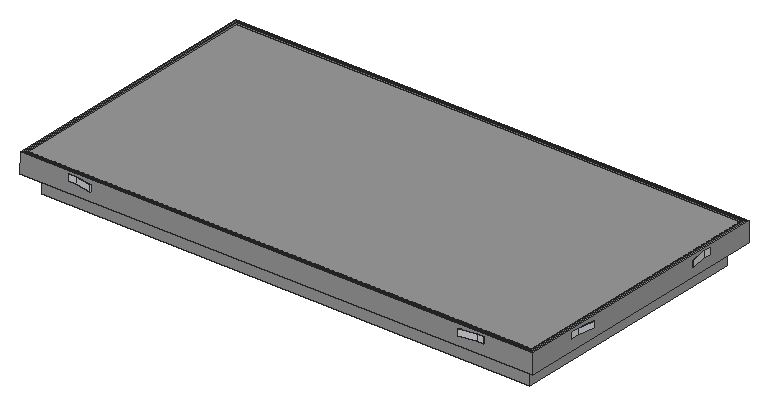
Revit family "WAPT-1000-2000", category Generic Models, host Floor, Revit 2017
Family settings
  Host = Floor
  Can host rebar = No
  Round Connector Dimension = Use Diameter
  Part Type = Normal
  Always vertical = Yes
  Cut with Voids When Loaded = No
  Shared = Yes
  Room Calculation Point = No
Parameters (values of type "WAPT-1000-2000")
  vloerluik = geanodiseerd aluminium
  frame = geanodiseerd aluminium frame
  Weight (kg) = 125
  URL = "https://www.gortergroup.com/nl/producten/vloerluiken/wapt.html"
  Offset [instance] = 0 mm
  Model = "WAPT"
  C = 400 mm
  Bevestiging = "Frame gelaste ankers"
  Belastbaarheid = "7,5 kN/m² volgens NEN-EN1991"
  B = 1000 mm
  A = 2000 mm
Types (6, lengths in mm): name | Weight (kg) | B | A
  (no name) | 125 | 1000 | 2000
  WAPT-600-600 | 24 | 600 | 600
  WAPT-800-800 | 30 | 800 | 800
  WAPT-1000-1000 | 48 | 1000 | 1000
  WAPT-1000-1500 | 103 | 1000 | 1500
  WAPT-1000-2000 | 125 | 1000 | 2000
Reference planes
  plane 1 "Center (Front/Back)": y = 0
  plane 2: z = 0
  plane 3 "Center (Left/Right)": x = 0
  plane 4: y = 500
  plane 5: y = -500
  plane 6: x = -1000
  plane 7: x = 1000
  plane 8: z = -400
  plane 9: x = -1055
  plane 10: y = 555
  plane 11: x = 1055
  plane 12: y = -555
  plane 13: x = -1032.5
  plane 14: x = 1032.5
  plane 15: y = 532.5
  plane 16: y = -532.5
  plane 17: x = -982.5
  plane 18: x = 982.5
  plane 19: x = 1005
  plane 20: y = 505
  plane 21: x = -1005
  plane 22: y = -505
  plane 23: z = -75
  plane 24: x = 940
  plane 25: x = -940
  plane 26: y = 355
  plane 27: y = -355
  plane 28: x = 855
  plane 29: x = -855
  plane 30: x = 355
  plane 31: x = -355
  plane 32: x = -1034.5
  plane 33: x = 1034.5
  plane 34: y = -534.5
  plane 35: y = 534.5
  plane 36 "Top": z = 0
  plane 37: z = -25
  plane 38: z = -30
  plane 39: z = -10
  plane 40: y = 463
  plane 41: y = -463
Forms (mm)
  Extrusion 1, void
    sketch origin (0, 0, 0) x (1, 0, 0) y (0, 1, 0)
      loop
        line (-1005, 505) -> (-1005, -505) -> (1005, -505) -> (1005, 505) -> (-1005, 505)
    from -400 to 0
  Sweep 2, solid, material "geanodiseerd aluminium frame" <- "frame"
    path origin (0, 0, 0) x (-1, 0, 0) y (0, -1, 0)
      loop
        line (1000, -500) -> (1000, 500) -> (-1000, 500) -> (-1000, -500) -> (1000, -500)
    profile "WAPT_randprofiel : WAG_randprofiel" origin (-1000, 0, 0) x (-1, 0, 0) y (0, 0, 1)
      loop
        line (55, -80) -> (55, 0) -> (50, 0) -> (50, -75) -> (5, -75) -> (5, -35) -> (0, -35) -> (0, -160) -> (5, -160) -> (5, -80) -> (55, -80)
  Sweep 3, void
    path origin (0, 0, 0) x (1, 0, 0) y (0, 1, 0)
      loop
        line (-1000, 500) -> (-1000, -500) -> (1000, -500) -> (1000, 500) -> (-1000, 500)
    profile origin (-1000, 0, 0) x (-1, 0, 0) y (0, 0, 1)
      loop
        line (0, 0) -> (0, -130) -> (55, -130) -> (55, 0) -> (0, 0)
  Sweep 4, solid, material "geanodiseerd aluminium frame" <- "frame"
    path origin (0, 0, 0) x (-1, 0, 0) y (0, -1, 0)
      loop
        line (963, -463) -> (963, 463) -> (-963, 463) -> (-963, -463) -> (963, -463)
    profile "WAPT_binnenprofiel : WAG_binnenprofiel" origin (-963, 0, 0) x (-1, 0, 0) y (0, 0, 1)
      loop
        line (0, -80) -> (5, -80) -> (5, -30) -> (82, -30) -> (82, 0) -> (77, 0) -> (77, -25) -> (0, -25) -> (0, -80)
  Extrusion 5, solid, material "geanodiseerd aluminium frame" <- "frame"
    sketch origin (-2542.234, 500, 4000) x (-1, 0, 0) y (0, 0, 1)
      loop
        line (-1579.234, -4025) -> (-3505.234, -4025) -> (-3505.234, -4030) -> (-1579.234, -4030) -> (-1579.234, -4025)
    from -37 to -963
  Extrusion 6, solid, material "geanodiseerd aluminium" <- "vloerluik"
    sketch origin (-2542.234, 500, 4015) x (-1, 0, 0) y (0, 0, 1)
      loop
        line (-1507.734, -4015) -> (-3576.734, -4015) -> (-3576.734, -4040) -> (-1507.734, -4040) -> (-1507.734, -4015)
    from 34.5 to -1034.5
Cuts and joins
  joined: Sweep 4, Extrusion 5
Lines and regions (mm)
  model lines, style "draairichting"
    curve 1: line (-1045, 545, 0) -> (0, -545, 0)
    curve 2: line (0, -545, 0) -> (1050, 550, 0)
Dimensions and locks
  equal spacing: plane 6, plane 3 "Center (Left/Right)", plane 7
  "A": plane 6 to plane 7
  equal spacing: plane 5, plane 1 "Center (Front/Back)", plane 4
  "B": plane 5 to plane 4
  "C": level to plane 8
  locked: plane 12 to plane 5 at 55
  locked: plane 9 to plane 6 at 55
  locked: plane 7 to plane 11 at 55
  locked: plane 10 to plane 4 at 55
  locked: plane 16 to plane 5 at 32.5
  locked: plane 15 to plane 4 at 32.5
  locked: plane 13 to plane 6 at 32.5
  locked: plane 7 to plane 14 at 32.5
  locked: plane 9 to plane 17 at 72.5
  locked: plane 18 to plane 11 at 72.5
  locked: plane 6 to Sweep 4 sketch curve at 37
  Sweep 4 sketch curve to plane 7 = 37 mm
  locked: plane 12 to plane 22 at 50
  locked: plane 10 to plane 20 at 50
  locked: plane 9 to plane 21 at 50
  locked: plane 19 to plane 11 at 50
  locked: level to plane 23 at 75
  plane 7 to plane 24 = 60 mm
  locked: plane 25 to plane 6 at 60
  plane 10 to plane 26 = 200 mm
  locked: plane 12 to plane 27 at 200
  locked: plane 28 to plane 11 at 200
  locked: plane 9 to plane 29 at 200
  locked: plane 3 "Center (Left/Right)" to plane 30 at 355
  locked: plane 31 to plane 3 "Center (Left/Right)" at 355
  plane 13 to plane 9 = 22.5 mm
  locked: plane 32 to plane 9 at 20.5
  locked: plane 33 to plane 11 at 20.5
  locked: plane 12 to plane 34 at 20.5
  plane 35 to plane 10 = 20.5 mm
  cut or joined group of Sweep 4, Extrusion 5 to Sweep 2 to Sweep 2 = 5 mm, 125 mm
  locked: plane 36 "Top" to plane 37 at 25
  locked: plane 37 to plane 38 at 5
  locked: plane 36 "Top" to plane 39 at 10
  "Offset": plane 36 "Top" to level
  locked: plane 40 to plane 4 at 37
  locked: plane 5 to plane 41 at 37
  aligned and locked: level to plane 2
  aligned and locked: Extrusion 1 to plane 8
  aligned and locked: level to Extrusion 1
  aligned and locked: Sweep 2 sketch curve to plane 4
  aligned and locked: plane 6 to Sweep 2 sketch curve
  aligned and locked: Sweep 2 sketch curve to plane 5
  aligned and locked: Sweep 2 sketch curve to plane 7
  aligned and locked: Sweep 3 sketch curve to plane 9
  aligned and locked: plane 6 to Sweep 3 sketch curve
  aligned and locked: plane 2 to Sweep 3 sketch curve
  aligned and locked: Extrusion 1 sketch curve to plane 19
  aligned and locked: Extrusion 1 sketch curve to plane 20
  aligned and locked: plane 21 to Extrusion 1 sketch curve
  aligned and locked: Extrusion 1 sketch curve to plane 22
  aligned and locked: nested 1 to plane 11
  aligned and locked: nested 1 to plane 26
  aligned and locked: nested 2 to plane 9
  aligned and locked: plane 26 to nested 2
  aligned and locked: plane 27 to nested 3
  aligned and locked: nested 4 to plane 27
  aligned and locked: plane 11 to nested 3
  aligned and locked: plane 11 to nested 1
  aligned and locked: plane 10 to nested 5
  aligned and locked: plane 28 to nested 5
  aligned and locked: nested 6 to plane 10
  aligned and locked: nested 6 to plane 29
  aligned and locked: plane 12 to nested 7
  aligned and locked: nested 8 to plane 12
  aligned and locked: plane 29 to nested 8
  aligned and locked: nested 7 to plane 28
  aligned and locked: plane 9 to nested 4
  aligned and locked: cut or joined group of Sweep 4, Extrusion 5 to Extrusion 5 sketch curve
  aligned and locked: Extrusion 5 sketch curve to cut or joined group of Sweep 4, Extrusion 5
  aligned and locked: Extrusion 6 to plane 32
  aligned and locked: Extrusion 6 to plane 33
  aligned and locked: plane 34 to Extrusion 6
  aligned and locked: plane 35 to Extrusion 6
  aligned and locked: cut or joined group of Sweep 4, Extrusion 5 to plane 37
  aligned and locked: cut or joined group of Sweep 4, Extrusion 5 to plane 38
  aligned and locked: Extrusion 6 to plane 36 "Top"
  aligned and locked: Extrusion 6 to plane 37
  aligned and locked: nested 3 to plane 39
  aligned and locked: plane 39 to nested 1
  aligned and locked: nested 5 to plane 39
  aligned and locked: nested 6 to plane 39
  aligned and locked: nested 4 to plane 39
  aligned and locked: plane 39 to nested 2
  aligned and locked: nested 8 to plane 39
  aligned and locked: nested 7 to plane 39
  aligned and locked: cut or joined group of Sweep 4, Extrusion 5 to plane 40
  aligned and locked: plane 41 to cut or joined group of Sweep 4, Extrusion 5
  aligned and locked: plane 3 "Center (Left/Right)" to curve 1
Automatic sketch dimensions
  plane 5 to Sweep 3 sketch curve = 0 mm
  Sweep 3 sketch curve to plane 6 = 0 mm
  Sweep 3 sketch curve to plane 7 = 0 mm
  Sweep 3 sketch curve to plane 4 = 0 mm
  Sweep 3 sketch curve to level = 130 mm
  Extrusion 6 sketch curve to plane 18 = 52 mm
  Extrusion 6 sketch curve to plane 17 = 52 mm
  Extrusion 6 sketch curve to level = 25 mm
  Extrusion 6 sketch curve to Extrusion 6 sketch curve = 25 mm
  curve 1 to Extrusion 6 = 10.5 mm  (x3)
  curve 2 to Extrusion 6 = 15.5 mm  (x2)
  Sweep 4 sketch curve to plane 4 = 37 mm
  Sweep 4 sketch curve to plane 5 = 37 mm
  Extrusion 5 sketch curve to plane 23 = 50 mm
  Extrusion 5 sketch curve to Extrusion 5 sketch curve = 5 mm
Nested families
  nested 1: "WAG_klemstrip" at (1055, 355, -35), type "WAG_klemstrip"
  nested 2: "WAG_klemstrip" at (-1055, 355, -35) x (-1, 0, 0) z (0, 0, 1), type "WAG_klemstrip"
  nested 3: "WAG_klemstrip" at (1055, -355, -35), type "WAG_klemstrip"
  nested 4: "WAG_klemstrip" at (-1055, -355, -35) x (-1, 0, 0) z (0, 0, 1), type "WAG_klemstrip"
  nested 5: "WAG_klemstrip" at (855, 555, -35) x (0, 1, 0) z (0, 0, 1), type "WAG_klemstrip"
  nested 6: "WAG_klemstrip" at (-855, 555, -35) x (0, 1, 0) z (0, 0, 1), type "WAG_klemstrip"
  nested 7: "WAG_klemstrip" at (855, -555, -35) x (0, -1, 0) z (0, 0, 1), type "WAG_klemstrip"
  nested 8: "WAG_klemstrip" at (-855, -555, -35) x (0, -1, 0) z (0, 0, 1), type "WAG_klemstrip"
Definition of nested family "WAG_klemstrip"
  Reference planes
    plane 1 "Center (Front/Back)": y = 0
    plane 2: z = 0
    plane 3 "Center (Left/Right)": x = 0
    plane 4: z = 25
  Forms (mm)
    Extrusion 1, solid
      sketch origin (0, 0, 0) x (1, 0, 0) y (0, 1, 0)
        loop
          line (0, 0) -> (2, 0) -> (2, 29.825) -> (14.125, 98.589) -> (12.155, 98.937) -> (0, 30) -> (0, 0)
      from 0 to 25
  Dimensions and locks
    locked: plane 4 to level at 25
    aligned and locked: level to plane 2
    aligned and locked: plane 4 to Extrusion 1
